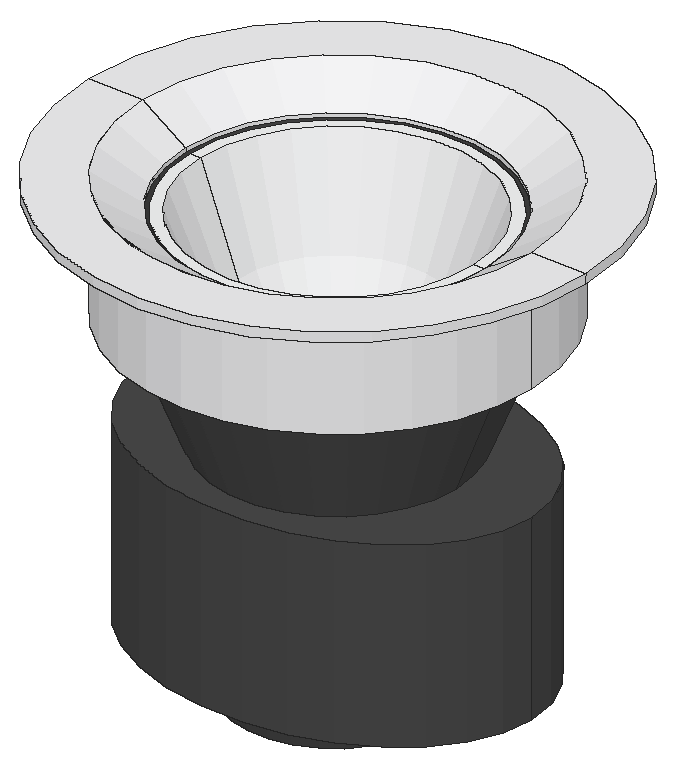
Revit family "2070018", category Lighting Fixtures, host Face, Revit 2018
Family settings
  Host = Face
  Round Connector Dimension = Use Diameter
  Part Type = Normal
  OmniClass Number = 23.80.70.11.17
  OmniClass Title = Specialized Lighting by Location or Use
  Cut with Voids When Loaded = No
  Light Source = Yes
  Shared = No
  Room Calculation Point = No
Parameters (values of type "2070018 EXPOSPOT 70 FIX RA90 4000K NB WHITE")
  Weight = 0.52 kg  # constant formula
  Total Power Consumption = 20.9996 W
  Reflector Material = Aluminum_Sylvania_Expospot_Polished
  Radius = Diameter / 2  # 55.0 mm
  Keynote = "n/a"
  Cooling Small Axis = Radius - 23.0 mm  # 32.0 mm
  Cooling Big Axis = Radius - 12.0 mm  # 43.0 mm
  Product Code = "0060226"
  Photobiological Risk Group = "RG1"  # constant formula
  Nominal Frequency = "50/60Hz"  # constant formula
  Max. Luminaires per 20A C Breaker = "70"  # constant formula
  Max. Luminaires per 20A B Breaker = "42"  # constant formula
  Max. Luminaires per 16A C Breaker = "51"  # constant formula
  Max. Luminaires per 16A B Breaker = "31"  # constant formula
  Max. Luminaires per 13A C Breaker = "41"  # constant formula
  Max. Luminaires per 13A B Breaker = "25"  # constant formula
  Max. Luminaires per 10A C Breaker = "31"  # constant formula
  Max. Luminaires per 10A B Breaker = "19"  # constant formula
  Lamp Power Factor = 0.9  # constant formula
  LOR = "100%"  # constant formula
  Inrush Duration = "139µs"  # constant formula
  Inrush Current = 28 A  # constant formula
  IP Rating = "IP20"  # constant formula
  IK Rating = "IK02"  # constant formula
  Height = 101.0 mm  # constant formula
  Wattage = 20.9996 W
  built-in parameter 1150110 = 1 (stored number, unit not read)
  Voltage Comments = "220-240V~"  # constant formula
  Voltage = 240 V  # constant formula
  URL = "0.9"
  built-in parameter 1114217 = 1 (stored number, unit not read)
  Tilt Angle = -90°  # constant formula
  built-in parameter 1150109 = 1 (stored number, unit not read)
  built-in parameter 1150134 = (empty or 0)
  built-in parameter 1150113 = 1 (stored number, unit not read)
  Product Page URL = "http://www.sylvania-lighting.com/product/en-int/products/0060226"
  Product Family = "EXPOSPOT 70 FIXED"  # constant formula
  Photometry Comments = ""
  Photometric Web File = "2070018.ies"
  Glow Wire Test = 850 °C  # constant formula
  Emit from Circle Diameter = Diameter - 24.0 mm  # 86.0 mm
  Emit Shape Visible in Rendering = no
  Electrical Protection = "Class II"  # constant formula
  Drive Current = "500mA"  # constant formula
  Dimmable = "N"  # constant formula
  Diffuser Material = Acrylic_Sylvania_Expospot_3000K
  Diameter = 110.0 mm  # constant formula
  Cutout Diameter = Diameter - 10.0 mm  # 100.0 mm
  Created by URL = "http://all1studio.com/"
  Created by = "All 1 Studio Ltd. "  # constant formula
  Control Gear Type = "Electronic"  # constant formula
  Control Gear Required = "No"  # constant formula
  Control Gear Mounting = "Remote"  # constant formula
  Colour Variation Initial = "3SDCM"  # constant formula
  built-in parameter 1114216 [instance] = 1 (stored number, unit not read)
  Model = "EXPOSPOT 70 FIXED RA90 4000K NB WHITE"
  Manufacturer = "Feilo Sylvania"  # constant formula
  built-in parameter 1150105 = 171.25 (stored number, unit not read)
  Lumens = 2152 lm
  built-in parameter 1150115 = 1 (stored number, unit not read)
  built-in parameter 1150137 = (empty or 0)
  built-in parameter 1150139 = (empty or 0)
  built-in parameter 1150112 = 1 (stored number, unit not read)
  built-in parameter 1150114 = 1 (stored number, unit not read)
  Lamp = "LED"  # constant formula
  built-in parameter 1150132 = 2
  built-in parameter 1150102 = (empty or 0)
  built-in parameter 1150107 = 3000 (stored number, unit not read)
  built-in parameter 1150138 = 3000
  built-in parameter 1150106 = 1.7125 (stored number, unit not read)
  CRI = "80Ra"
  Body Material = Aluminum_Sylvania_Expospot_White
  built-in parameter 1150104 = 9.5206 (stored number, unit not read)
  Dimming Lamp Color Temperature Shift = <None>
  Description = "Specifically designed for Retail and Display applications. I.e. Supermarkets, Fashion Retail, Department stores. Build around a 70mm reflector and lens combination."  # constant formula
  Default Elevation = 0.0 mm
  Color Filter = 16777215
  built-in parameter 1140040 [instance] = 1
  Beam Angle = 43°
  built-in parameter 1114218 = 1 (stored number, unit not read)
  Average Life = "50 000h"  # constant formula
  built-in parameter 1150133 = 10 (stored number, unit not read)
  Assembly Code = "D5020200"
  Apparent Load Comments = ""
  Apparent Load = 21 VA
  Cooling Material = Plastic_Sylvania_Expospot_Black
Reference planes
  plane 1 "Center (Front/Back)": y = 0
  plane 2: z = 0
  plane 3 "Center (Left/Right)": x = -7.423
  plane 4 "Fixture Bottom": z = 2
  plane 5: x = -62.423
  plane 6: x = -50.423
  plane 7: x = -40.923
  plane 8: z = -5
  plane 9: x = -47.923
  plane 10: z = -4.2
  plane 11: x = -39.923
  plane 12: x = -18.423
  plane 13: x = -20.753
  plane 14: z = -46
  plane 15: z = -25
  plane 16: z = -90.5
  plane 17 "Fixture Top": z = -99
  plane 18: z = -50.5
Forms (mm)
  Revolve 1, solid, material "Aluminum_Sylvania_Expospot_White" <- "Body Material", detail levels fine
    sketch origin (0, 0, 0) x (1, 0, 0) y (0, 0, 1)
      loop
        line (-50.423, 2) -> (-62.423, 2) -> (-62.423, 0) -> (-50.423, 0) -> (-50.423, -25) -> (-47.923, -25) -> (-47.923, -5) -> (-40.923, -5) -> (-40.923, -4.2) -> (-50.423, 2)
      axis (-7.423, 2) -> (-7.423, -25)
    angle from 0 to 360
  Revolve 2, solid, material "Aluminum_Sylvania_Expospot_Polished" <- "Reflector Material", detail levels fine
    sketch origin (0, 0, 0) x (1, 0, 0) y (0, 0, 1)
      loop
        arc (-39.923, -5) -> (-31.687, -26.131) -> (-20.753, -46) r 172.616
        line (-20.753, -46) -> (-18.423, -46)
        arc (-18.423, -46) -> (-29.46, -26.173) -> (-37.623, -5) r 162.237
        line (-37.623, -5) -> (-39.923, -5)
      axis (-7.423, -5) -> (-7.423, -46)
    angle from 0 to 360
  Revolve 3, solid, material "Acrylic_Sylvania_Expospot_3000K" <- "Diffuser Material", detail levels fine
    sketch origin (0, 0, 0) x (1, 0, 0) y (0, 0, 1)
      loop
        arc (-7.423, -37.989) -> (-14.227, -40.204) -> (-18.423, -46) r 11.557
        line (-18.423, -46) -> (-17.367, -46)
        arc (-17.367, -46) -> (-13.506, -40.918) -> (-7.423, -38.989) r 10.557
        line (-7.423, -38.989) -> (-7.423, -37.989)
      axis (-7.423, -37.989) -> (-7.423, -46)
    angle from 0 to 360
  Extrusion 4, solid, material "Plastic_Sylvania_Expospot_Black" <- "Cooling Material", detail levels fine
    sketch origin (0, 0, 0) x (1, 0, 0) y (0, 1, 0)
      loop
        spline (35.577, 0) -> (34.112, 8.282) -> (29.816, 16) -> (22.983, 22.627) -> (14.077, 27.713) -> (3.707, 30.91) -> (-7.423, 32) -> (-18.552, 30.91) -> (-28.923, 27.713) -> (-37.828, 22.627) -> (-44.662, 16) -> (-48.958, 8.282) -> (-50.423, 0)
        spline (-50.423, 0) -> (-48.958, -8.282) -> (-44.662, -16) -> (-37.828, -22.627) -> (-28.923, -27.713) -> (-18.552, -30.91) -> (-7.423, -32) -> (3.707, -30.91) -> (14.077, -27.713) -> (22.983, -22.627) -> (29.816, -16) -> (34.112, -8.282) -> (35.577, 0)
    from -90.5 to -50.5
  Revolve 5, solid, material "Plastic_Sylvania_Expospot_Black" <- "Cooling Material", detail levels fine
    sketch origin (0, 0, 0) x (1, 0, 0) y (0, 0, 1)
      loop
        line (-31.337, -90.5) -> (-31.337, -92.433) -> (-29.248, -99) -> (-7.423, -99) -> (-7.423, -90.5) -> (-31.337, -90.5)
      axis (-7.423, -90.5) -> (-7.423, -99)
    angle from 0 to 360
  Extrusion 6, void
    sketch origin (0, 0, 0) x (1, 0, 0) y (0, 1, 0)
      loop
        circle (-7.423, 0) r 50
    from -90.5 to 0
  Revolve 7, solid, material "Aluminum_Sylvania_Expospot_White" <- "Body Material", detail levels coarse+medium
    sketch origin (0, 0, 0) x (1, 0, 0) y (0, 0, 1)
      loop
        line (-62.423, 2) -> (-62.423, 0) -> (-50.423, 0) -> (-50.423, -99) -> (-7.423, -99) -> (-7.423, 2) -> (-62.423, 2)
      axis (-7.423, 2) -> (-7.423, -99)
    angle from 0 to 360
  Revolve 8, solid, material "Plastic_Sylvania_Expospot_Black" <- "Cooling Material", detail levels fine
    sketch origin (0, 0, 0) x (1, 0, 0) y (0, 0, 1)
      loop
        line (-47.923, -5) -> (-47.923, -25) -> (-44.155, -25) -> (-33.852, -50.5) -> (-7.423, -50.5) -> (-7.423, -46) -> (-34.592, -46) -> (-43.48, -24) -> (-46.923, -24) -> (-46.923, -5) -> (-47.923, -5)
      axis (-7.423, -5) -> (-7.423, -50.5)
    angle from 0 to 360
Cuts and joins
  joined: Extrusion 4, Revolve 5
Lines and regions (mm)
  Masking region 1
    outline origin (0, 0, 0) x (1, 0, 0) y (0, 1, 0)
      loop
        circle (-7.423, 0) r 55
  symbolic lines, detail levels fine
    curve 1: arc (-50.423, 0, 0) -> (-7.423, 43, 0) -> (35.577, 0, 0) r 43
    curve 2: arc (35.577, 0, 0) -> (-7.423, -43, 0) -> (-50.423, 0, 0) r 43
    curve 3: arc (3.577, 0, 0) -> (-7.423, -11, 0) -> (-18.423, 0, 0) r 11
    curve 4: arc (-18.423, 0, 0) -> (-7.423, 11, 0) -> (3.577, 0, 0) r 11
Dimensions and locks
  "Radius": plane 3 "Center (Left/Right)" to plane 5
  Revolve 3 sketch curve to Revolve 3 sketch curve to plane 14 = 1.0 mm locked, 7.011 mm locked
  "Cooling Small Axis": plane 1 "Center (Front/Back)" to Extrusion 4 sketch curve
  "Cooling Big Axis": Extrusion 4 sketch curve to plane 3 "Center (Left/Right)"
  "Height": plane 4 "Fixture Bottom" to plane 17 "Fixture Top"
  locked: plane 16 to plane 17 "Fixture Top" at 8.5
  plane 12 to plane 13 to plane 11 to plane 7 to plane 9 to plane 6 to plane 5 = 2.33 mm locked, 19.17 mm locked, 1.0 mm locked, 7.0 mm locked, 2.5 mm locked, 12.0 mm locked
  locked: Revolve 2 sketch curve to plane 11 at 2.3
  plane 4 "Fixture Bottom" to plane 10 to plane 8 to plane 15 to plane 14 to plane 18 = 6.2 mm locked, 0.8 mm locked, 20.0 mm locked, 21.0 mm locked, 4.5 mm locked
  "Cutout Diameter": diameter of Extrusion 6 sketch curve
  aligned and locked: host face to plane 2
  aligned and locked: host face to level
  aligned and locked: plane 1 "Center (Front/Back)" to imposter light
  aligned and locked: plane 3 "Center (Left/Right)" to imposter light
  aligned and locked: Revolve 1 sketch curve to plane 5
  aligned and locked: Revolve 1 sketch curve to plane 6
  aligned and locked: plane 9 to Revolve 1 sketch curve
  aligned and locked: plane 7 to Revolve 1 sketch curve
  aligned and locked: plane 10 to Revolve 1 sketch curve
  aligned and locked: plane 6 to Revolve 1 sketch curve
  aligned and locked: plane 8 to Revolve 1 sketch curve
  aligned and locked: Revolve 1 sketch curve to plane 2
  aligned and locked: plane 4 "Fixture Bottom" to Revolve 1 sketch curve
  aligned and locked: plane 15 to Revolve 1 sketch curve
  aligned and locked: plane 16 to Extrusion 4
  aligned and locked: plane 16 to Extrusion 6
  aligned and locked: plane 2 to Extrusion 6
  aligned and locked: Revolve 7 sketch curve to plane 6
  aligned and locked: plane 17 "Fixture Top" to Revolve 7 sketch curve
  aligned and locked: Revolve 7 sketch curve to plane 2
  aligned and locked: plane 4 "Fixture Bottom" to Revolve 7 sketch curve
  aligned and locked: Revolve 7 sketch curve to plane 5
  aligned and locked: plane 3 "Center (Left/Right)" to Revolve 7 sketch curve
  aligned and locked: curve 1 to Revolve 1
  aligned and locked: curve 2 to Revolve 1
  aligned and locked: curve 3 to Revolve 3
  aligned and locked: curve 4 to Revolve 3
  aligned and locked: imposter light to plane 4 "Fixture Bottom"
  aligned and locked: cut or joined group of Extrusion 4, Revolve 5 to plane 18
  aligned and locked: plane 14 to Revolve 8 sketch curve
Automatic sketch dimensions
  host sketch curve to host sketch curve = 1506.034 mm
  host sketch curve to host sketch curve = 1442.359 mm
  Revolve 1 sketch curve to plane 3 "Center (Left/Right)" = 0.0 mm
  Revolve 1 sketch curve to Revolve 1 sketch curve = 23.246 mm
  plane 4 "Fixture Bottom" to Revolve 1 sketch curve = 11.292 mm
  Revolve 3 sketch curve to Revolve 3 sketch curve = 0.0 mm
  Revolve 3 sketch curve to plane 12 = 0.0 mm
  Revolve 3 sketch curve to plane 14 = 0.0 mm
  Revolve 3 sketch curve to plane 3 "Center (Left/Right)" = 0.0 mm  (x2)
  Revolve 3 sketch curve to plane 14 = 1.818 mm
  plane 8 to Revolve 3 sketch curve = 3.0 mm
  Revolve 5 sketch curve to plane 16 = 0.0 mm
  Revolve 5 sketch curve to plane 17 "Fixture Top" = 0.0 mm
  Revolve 5 sketch curve to plane 3 "Center (Left/Right)" = 0.0 mm  (x2)
  plane 16 to Revolve 5 sketch curve = 1.933 mm
  plane 17 "Fixture Top" to Revolve 5 sketch curve = 271.274 mm
  plane 4 "Fixture Bottom" to Revolve 5 sketch curve = 1145.706 mm
  plane 1 "Center (Front/Back)" to Extrusion 4 sketch curve = 0.0 mm
  Extrusion 4 sketch curve to plane 3 "Center (Left/Right)" = 0.0 mm
  plane 1 "Center (Front/Back)" to Extrusion 6 sketch curve = 0.0 mm
  Extrusion 6 sketch curve to plane 3 "Center (Left/Right)" = 0.0 mm
  Revolve 7 sketch curve to plane 3 "Center (Left/Right)" = 0.0 mm
  plane 17 "Fixture Top" to Revolve 7 sketch curve = 24.097 mm
  Revolve 7 sketch curve to Revolve 7 sketch curve = 45.0 mm
  Masking region 1 sketch curve to Masking region 1 sketch curve = 0.0 mm  (x2)
  plane 1 "Center (Front/Back)" to Masking region 1 sketch curve = 0.0 mm
  Masking region 1 sketch curve to plane 5 = 0.0 mm
  Masking region 1 sketch curve to plane 3 "Center (Left/Right)" = 0.0 mm
  Revolve 2 sketch curve to plane 8 = 0.0 mm
  Revolve 2 sketch curve to plane 11 = 0.0 mm
  Revolve 2 sketch curve to plane 13 = 0.0 mm
  Revolve 2 sketch curve to plane 12 = 0.0 mm
  plane 3 "Center (Left/Right)" to Revolve 2 sketch curve = 0.0 mm
  Revolve 2 sketch curve to plane 14 = 0.0 mm
  plane 4 "Fixture Bottom" to Revolve 2 sketch curve = 40.631 mm
  Revolve 2 sketch curve to Revolve 2 sketch curve = 7.216 mm
  plane 17 "Fixture Top" to Revolve 2 sketch curve = 294.274 mm
  Revolve 2 sketch curve to Revolve 2 sketch curve = 1100.726 mm
  plane 11 to Revolve 5 sketch curve = 10.675 mm
  plane 7 to Revolve 5 sketch curve = 9.586 mm
  Revolve 8 sketch curve to plane 9 = 0.0 mm
  Revolve 8 sketch curve to plane 15 = 0.0 mm
  Revolve 8 sketch curve to plane 18 = 0.0 mm
  Revolve 8 sketch curve to plane 3 "Center (Left/Right)" = 0.0 mm  (x2)
  Revolve 8 sketch curve to plane 8 = 0.0 mm
  Revolve 8 sketch curve to plane 7 = 3.232 mm
  Revolve 8 sketch curve to Revolve 8 sketch curve = 0.675 mm
  plane 11 to Revolve 8 sketch curve = 6.071 mm
  Revolve 8 sketch curve to Revolve 8 sketch curve = 0.74 mm
  Revolve 8 sketch curve to plane 15 = 1.0 mm
  Revolve 8 sketch curve to Revolve 8 sketch curve = 1.0 mm
  plane 17 "Fixture Top" to Revolve 8 sketch curve = 273.274 mm
  plane 4 "Fixture Bottom" to Revolve 8 sketch curve = 1145.706 mm
Connectors
  electrical at (-7.423, 0, -99), driven by "Voltage", driven by "Apparent Load", driven by "Lamp Power Factor"
    settings: on cut or joined group of Extrusion 4, Revolve 5, index 1, voltage 240 V, apparent load 0 VA, apparent load phase1 21 VA, apparent load phase2 0 VA, apparent load phase3 0 VA, power factor 0.9, load classification "Lighting", number of poles 1, system type 31, power factor state 1, is connector primary yes, connector utility no, sub classification motor no, connector description ""
